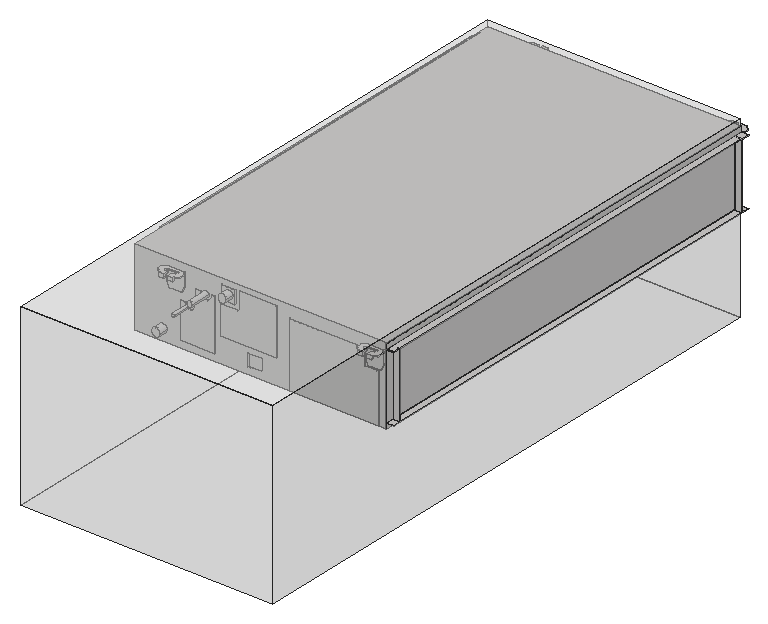
Revit family "outputfile", category 機械設備, Revit 2024
Family settings
  丸型コネクタ寸法 = 半径を使用
  パーツ タイプ = 標準
  OmniClass 番号 = 23.75.10.24.21.27.27
  OmniClass タイトル = Split System Air Conditioning Units
  作業面ベース = いいえ
  常に垂直 = はい
  ロード時にボイドで切り取り = いいえ
  注釈の向きを維持 = いいえ
  共有 = いいえ
  部屋計算ポイント = はい
Parameters (values of type "FBQ125EVE")
  Description = ""
  製造元 = "Daikin"
  書き出し IFC クラス(タイプ) = "IfcUnitaryEquipmentType"
  定義済み IFC タイプ(タイプ) = "AIRCONDITIONINGUNIT"
  Cost = 0
  モデル = "FBQ125EVE"
  Type Comments = ""
  Keynote = ""
  Type Image = (empty or 0)
  Assembly Code = ""
  switch_frequency = yes
  r_Liquid Pipe Size = Liquid Pipe Size / 2  # 4.75 mm
  r_Gas Pipe Size = Gas Pipe Size / 2  # 7.95 mm
  r_Drain Pipe Size = Drain Pipe Size / 2  # 12.5 mm
  lw_power = 770.0 mm  # constant formula
  lh_SA = 138.0 mm  # constant formula
  lw_SA = if(Depth = 550.0 mm, 225.0 mm, if(Depth = 700.0 mm, 300.0 mm, if(Depth = 1000.0 mm, 450.0 mm, if(Depth = 1400.0 mm, 650.0 mm, 725.0 mm))))  # 650.0 mm
  lw_RA = if(Depth = 550.0 mm, 275.0 mm, if(Depth = 700.0 mm, 349.0 mm, if(Depth = 1000.0 mm, 499.0 mm, if(Depth = 1400.0 mm, 699.0 mm, 775.0 mm))))  # 699.0 mm
  lh_power = 60.0 mm + [h***]  # 60.0 mm
  lh_mountinghole1 = lh_mountinghole + [h***]  # 222.0 mm
  lh_RA = 123.0 mm  # constant formula
  ld_power = Depth / 2  # 700.0 mm
  connector_voltage = Voltage_50Hz  # 230 V
  connector_powerinput = [Power Input (Cooling)]  # 4.580 kW
  connector_phase = Phase_50Hz  # 1
  Voltage_comment_60Hz = "220"
  Voltage_comment_50Hz = "220 - 240"
  Voltage_60Hz = 220 V
  Voltage_50Hz = 230 V
  URL = ""
  Supply Air Direction [instance] = yes
  Sound Power Level_H speed (dB) = 0
  Phase_60Hz = 1
  Phase_50Hz = 1
  Minimum External Static Pressure = 0.00 Pa
  Minimum Circuit Amps_60Hz = 0.0 A
  Minimum Circuit Amps_50Hz = 0.0 A
  Maximum Fuse Amps_60Hz = 0.0 A
  Maximum Fuse Amps_50Hz = 0.0 A
  Maximum External Static Pressure = 0.00 Pa
  Material_Casing = DAIKIN_GalvanizedSteel_Casing_indoorunit
  lw_mountinghole = 630.0 mm  # constant formula
  lh_gaspipe = 183.0 mm + [h***]  # 183.0 mm
  lh_mountinghole = 222.0 mm  # constant formula
  lh_liquidpipe = 136.0 mm + [h***]  # 136.0 mm
  lh_drainpipe = 207.0 mm + [h***]  # 207.0 mm
  lh_antena = Height - lh_mountinghole + 1.0 mm  # 24.0 mm
  ld_drainpipe = Depth / 2 + 26.0 mm  # 726.0 mm
  ld_liquidpipe = Depth / 2 + 69.0 mm  # 769.0 mm
  ld_gaspipe = Depth / 2 + 65.0 mm  # 765.0 mm
  ld_mountinghole = Depth + 38.0 mm  # 1438.0 mm
  h*** = 0.0 mm  # constant formula
  lw_liquidpipe = 179.0 mm  # constant formula
  lw_gaspipe = 229.0 mm  # constant formula
  lw_drainpipe = 300.0 mm  # constant formula
  Width = 800.0 mm
  Version = "ver.1.0"
  Unit Type = "Duct"
  Unit Mass Weight = 47.00 kg
  Unit Designation [instance] = ""
  Uniclass2015Version = "Products v1.30"
  Uniclass2015Title = "Split coil room air conditioning units"
  Uniclass2015Code = "Pr_70_65_03_86"
  Total Cooling Capacity [instance] = 0.000 kW
  Sound Pressure Level_M speed (dBA) = 37.5
  Sound Pressure Level_L speed (dBA) = 35
  Sound Pressure Level_H speed (dBA) = 40
  Series = "SkyAir_Fan Coil Unit"
  Sensible Cooling Capacity [instance] = 0.000 kW
  SA Duct Size Width = 1192.0 mm
  SA Duct Size Height = 176.0 mm
  Refrigerant Type = "R410A"
  RA Duct Size Width = 1352.0 mm
  RA Duct Size Height = 208.0 mm
  Power Input (Cooling) = 4.580 kW
  Option Accessory 3 [instance] = ""
  Option Accessory 2 [instance] = ""
  Option Accessory 1 [instance] = ""
  Nominal Cooling Capacity = 12.500 kW
  Minimum Airflow = 1500.00 m³/h
  Median Airflow = 1830.00 m³/h
  Maximum Airflow = 2160.00 m³/h
  Load Classification = HVAC
  Liquid Pipe Size = 9.5 mm
  Link_Nested Family [instance] = ""
  IfcVersion = ""
  IfcExportType = "AIRCONDITIONINGUNIT"
  IfcExportAs = "IfcUnitaryEquipmentType"
  Height = 245.0 mm
  Heat Exchanger Type = "Cross Fin Coil"
  Gas Pipe Size = 15.9 mm
  Frequency_60Hz = 60 Hz
  Frequency_50Hz = 50 Hz
  Fan Type = "Sirocco Fan"
  Fan Drive = "-"
  FCU Tag No. [instance] = ""
  Drain Pipe Size = 25.0 mm
  Design Supply Airflow [instance] = 0.00 m³/h
  Design Return Airflow [instance] = 0.00 m³/h
  Design External Static Pressure [instance] = 0.00 Pa
  Depth = 1400.0 mm
  既定の高さ = 0.0 mm
  Cooling Entering Wet Bulb Temperature [instance] = 0.00 °C
  Cooling Entering Dry Bulb Temperature [instance] = 0.00 °C
  Cooling Ambient Wet Bulb Temperature [instance] = 0.00 °C
  Cooling Ambient Dry Bulb Temperature [instance] = 0.00 °C
  Clearance visibility [instance] = yes
  Clearance Top = 20.0 mm
  Clearance Right = 0.0 mm
  Clearance Rear = 0.0 mm
  Clearance Left = 0.0 mm
  Clearance Front = 450.0 mm
  Clearance Bottom = 300.0 mm
Reference planes
  plane 1 "Center (Front/Back)": y = 0
  plane 2 "h": z = 0
  plane 3 "Center (Left/Right)": x = 0
  plane 4 "Back": y = 700
  plane 5 "Front": y = -700
  plane 6 "Left": x = -400
  plane 7 "Right": x = 400
  plane 8 "Top": z = 0
  plane 9 "Bottom": z = -245
  plane 10: y = -215
  plane 11: y = 700
  plane 12: y = -1150
  plane 13: x = -400
  plane 14: x = 400
  plane 15: z = 20
  plane 16: z = -545
  plane 17: x = -400
  plane 18: x = -399
  plane 19: x = 399
  plane 20: y = 50
  plane 21: y = -1
  plane 22: z = -122
  plane 23: y = -701
  plane 24: z = -109
  plane 25: x = -221
  plane 26: y = -765
  plane 27: z = -62
  plane 28: x = -171
  plane 29: y = -726
  plane 30: z = -38
  plane 31: x = -100
  plane 32: x = -100
  plane 33: x = -221
  plane 34: x = -171
  plane 35: x = 370
  plane 36: x = -266
  plane 37: x = 364
  plane 38: y = -719
  plane 39: y = 719
  plane 40: z = -23
  plane 41: z = -107
  plane 42: y = -769
  plane 43: z = -207
  plane 44: x = -309
  plane 45: y = -726
  plane 46: x = -251
  plane 47: x = -203
  plane 48: x = -144
  plane 49: z = -59
  plane 50: z = -106
  plane 51: z = -221
  plane 52: z = -109
  plane 53: x = -221
  plane 54: z = -62
  plane 55: x = -171
  plane 56: z = -17
  plane 57: z = -59
  plane 58: x = -121
  plane 59: x = -79
  plane 60: x = -125
  plane 61: x = -64
  plane 62: x = 53
  plane 63: z = -164
  plane 64: z = -73
  plane 65: z = -16
  plane 66: x = 93.5
  plane 67: x = 374.5
  plane 68: x = 330
  plane 69: z = -88.5
  plane 70: z = -38
  plane 71: z = -242.5
  plane 72: x = -38.5
  plane 73: x = 6.5
  plane 74: z = -181
  plane 75: z = -221
  plane 76: y = -699
  plane 77: x = -424
  plane 78: x = 424
Forms (mm)
  Extrusion 1, solid, material "DAIKIN_GalvanizedSteel_Casing_indoorunit" <- "Material_Casing"
    sketch origin (0, 0, 0) x (1, 0, 0) y (0, 1, 0)
      loop
        line (-399, 700) -> (-399, -700) -> (399, -700) -> (399, 700) -> (-399, 700)
    from -245 to 0
  Extrusion 2, solid, material "DAIKIN_GalvanizedSteel_Casing_indoorunit" <- "Material_Casing"
    sketch origin (0, 0, 0) x (1, 0, 0) y (0, 0, 1)
      loop
        line (-251, -221) -> (-144, -221) -> (-144, -59) -> (-154.47, -59)
        arc (-154.47, -59) -> (-171, -78.8) -> (-187.53, -59) r 16.8
        line (-187.53, -59) -> (-203, -59) -> (-203, -106) -> (-206.916, -106)
        arc (-206.916, -106) -> (-221, -123.4) -> (-235.084, -106) r 14.4
        line (-235.084, -106) -> (-251, -106) -> (-251, -221)
    from 700 to 701
  Extrusion 3, solid, material "DAIKIN_GalvanizedSteel_Casing_indoorunit" <- "Material_Casing"
    sketch origin (0, 0, 0) x (1, 0, 0) y (0, 0, 1)
      loop
        line (-121, -17) -> (-121, -59) -> (-79, -59) -> (-79, -17) -> (-121, -17)
      loop
        line (-125, -73) -> (-125, -164) -> (53, -164) -> (53, -16) -> (-64, -16) -> (-64, -73) -> (-125, -73)
    from 700 to 701
  Extrusion 4, solid, material "DAIKIN_GalvanizedSteel_Casing_indoorunit" <- "Material_Casing"
    sketch origin (0, 0, 0) x (1, 0, 0) y (0, 0, 1)
      loop
        line (93.5, -38) -> (93.5, -242.5) -> (374.5, -242.5) -> (374.5, -88.5) -> (330, -88.5) -> (330, -38) -> (93.5, -38)
    from 700 to 701
  Extrusion 5, solid, material "DAIKIN_GalvanizedSteel_Casing_indoorunit" <- "Material_Casing"
    sketch origin (0, 0, 0) x (1, 0, 0) y (0, 0, 1)
      loop
        circle (-221, -109) r 4.75
    from 700 to 769
  Extrusion 6, solid, material "DAIKIN_GalvanizedSteel_Casing_indoorunit" <- "Material_Casing"
    sketch origin (0, 0, 0) x (1, 0, 0) y (0, 0, 1)
      loop
        circle (-171, -62) r 7.95
    from 700 to 765
  Extrusion 7, solid, material "DAIKIN_GalvanizedSteel_Casing_indoorunit" <- "Material_Casing"
    sketch origin (0, 0, 0) x (1, 0, 0) y (0, 0, 1)
      loop
        circle (-100, -38) r 12.5
    from 701 to 726
  Extrusion 8, solid, material "DAIKIN_GalvanizedSteel_Casing_indoorunit" <- "Material_Casing"
    sketch origin (0, 0, 0) x (1, 0, 0) y (0, 0, 1)
      loop
        circle (-309, -207) r 13
    from 700 to 726
  Extrusion 9, void
    sketch origin (0, 0, 0) x (1, 0, 0) y (0, 0, 1)
      loop
        line (-38.5, -181) -> (-38.5, -221) -> (6.5, -221) -> (6.5, -181) -> (-38.5, -181)
    from 699 to 700
Cuts and joins
  Extrusion 9 cuts Extrusion 1
Dimensions and locks
  "Height": plane 8 "Top" to plane 9 "Bottom"
  equal spacing: plane 4 "Back", plane 1 "Center (Front/Back)", plane 5 "Front"
  "Depth": plane 4 "Back" to plane 5 "Front"
  equal spacing: plane 6 "Left", plane 3 "Center (Left/Right)", plane 7 "Right"
  "Width": plane 6 "Left" to plane 7 "Right"
  "Clearance Left": plane 13 to plane 6 "Left"
  "Clearance Right": plane 7 "Right" to plane 14
  "Clearance Rear": plane 11 to plane 4 "Back"
  "Clearance Front": plane 5 "Front" to plane 12
  "Clearance Top": plane 15 to plane 8 "Top"
  "Clearance Bottom": plane 9 "Bottom" to plane 16
  locked: plane 17 to plane 18 at 1
  locked: plane 19 to plane 14 at 1
  "lw_RA": plane 21 to plane 5 "Front"
  "lh_RA": plane 22 to plane 9 "Bottom"
  locked: plane 5 "Front" to plane 23 at 1
  "lw_liquidpipe": plane 25 to plane 6 "Left"
  "lh_liquidpipe": plane 24 to plane 9 "Bottom"
  "lh_gaspipe": plane 27 to plane 9 "Bottom"
  "lw_gaspipe": plane 28 to plane 6 "Left"
  "ld_gaspipe": plane 26 to plane 1 "Center (Front/Back)"
  "ld_drainpipe": plane 29 to plane 1 "Center (Front/Back)"
  "lh_drainpipe": plane 30 to plane 9 "Bottom"
  "lw_drainpipe": plane 31 to plane 6 "Left"
  "lw_drainpipe": plane 6 "Left" to plane 32
  "lw_liquidpipe": plane 6 "Left" to plane 33
  "lw_gaspipe": plane 6 "Left" to plane 34
  "lw_power": plane 6 "Left" to plane 35
  locked: plane 17 to plane 36 at 134
  "lw_mountinghole": plane 36 to plane 37
  equal spacing: plane 38, plane 1 "Center (Front/Back)", plane 39
  "ld_mountinghole": plane 39 to plane 38
  "lh_mountinghole": plane 40 to plane 9 "Bottom"
  "lh_SA": plane 41 to plane 9 "Bottom"
  locked: plane 44 to plane 6 "Left" at 91
  locked: plane 43 to plane 9 "Bottom" at 38
  locked: plane 5 "Front" to plane 45 at 26
  plane 48 to plane 47 to plane 46 to plane 6 "Left" = 59.0 mm, 48.0 mm, 149.0 mm
  plane 8 "Top" to plane 49 to plane 50 to plane 51 = 59.0 mm locked, 47.0 mm locked, 115.0 mm locked
  plane 55 to plane 53 to plane 6 "Left" = 50.0 mm locked, 179.0 mm locked
  plane 54 to plane 52 to plane 9 "Bottom" = 47.0 mm locked, 136.0 mm locked
  plane 59 to plane 58 to plane 6 "Left" = 42.0 mm locked, 279.0 mm locked
  plane 8 "Top" to plane 56 to plane 57 = 17.0 mm locked, 42.0 mm locked
  plane 62 to plane 61 to plane 60 to plane 6 "Left" = 117.0 mm, 61.0 mm, 275.0 mm
  plane 8 "Top" to plane 65 to plane 64 = 16.0 mm locked, 57.0 mm locked
  locked: plane 65 to plane 63 at 148
  plane 8 "Top" to plane 70 to plane 69 to plane 71 = 38.0 mm locked, 50.5 mm locked, 154.0 mm locked
  plane 67 to plane 68 to plane 66 to plane 6 "Left" = 44.5 mm locked, 236.5 mm locked, 493.5 mm locked
  plane 8 "Top" to plane 74 to plane 75 = 181.0 mm locked, 40.0 mm locked
  plane 73 to plane 72 to plane 6 "Left" = 45.0 mm, 361.5 mm
  locked: plane 76 to plane 5 "Front" at 1
  locked: plane 77 to plane 17 at 24
  locked: plane 14 to plane 78 at 24
  "ld_liquidpipe": plane 42 to plane 1 "Center (Front/Back)"
  "lw_SA": plane 4 "Back" to plane 20
  "r_Liquid Pipe Size": radius of Extrusion 5 sketch curve
  "r_Gas Pipe Size": radius of Extrusion 6 sketch curve
  "r_Drain Pipe Size": radius of Extrusion 7 sketch curve
  aligned and locked: level to plane 2 "h"
  aligned and locked: plane 8 "Top" to Extrusion 1
  aligned and locked: Extrusion 1 to plane 9 "Bottom"
  aligned and locked: nested 5 to plane 12
  aligned and locked: plane 13 to nested 5
  aligned and locked: plane 14 to nested 5
  aligned and locked: nested 5 to plane 13
  aligned and locked: plane 11 to nested 5
  aligned and locked: plane 15 to nested 5
  aligned and locked: plane 16 to nested 5
  aligned and locked: plane 5 "Front" to Extrusion 1 sketch curve
  aligned and locked: Extrusion 1 to plane 18
  aligned and locked: plane 19 to Extrusion 1
  aligned and locked: nested 7 to plane 18
  aligned and locked: nested 7 to plane 20
  aligned and locked: plane 19 to nested 8
  aligned and locked: plane 21 to nested 8
  aligned and locked: plane 22 to nested 8
  aligned and locked: Extrusion 2 to plane 23
  aligned and locked: plane 5 "Front" to Extrusion 2
  aligned and locked: Extrusion 3 to plane 23
  aligned and locked: plane 5 "Front" to Extrusion 3
  aligned and locked: plane 5 "Front" to Extrusion 4
  aligned and locked: Extrusion 5 sketch curve to plane 25
  aligned and locked: plane 24 to Extrusion 5 sketch curve
  aligned and locked: plane 5 "Front" to Extrusion 5
  aligned and locked: Extrusion 6 sketch curve to plane 28
  aligned and locked: plane 27 to Extrusion 6 sketch curve
  aligned and locked: plane 5 "Front" to Extrusion 6
  aligned and locked: Extrusion 7 sketch curve to plane 31
  aligned and locked: Extrusion 7 sketch curve to plane 30
  aligned and locked: Extrusion 7 to plane 29
  aligned and locked: plane 23 to Extrusion 7
  aligned and locked: nested 3 to plane 29
  aligned and locked: nested 3 to plane 32
  aligned and locked: nested 2 to plane 33
  aligned and locked: nested 1 to plane 34
  aligned and locked: Extrusion 6 to plane 26
  aligned and locked: nested 1 to plane 26
  aligned and locked: nested 6 to plane 5 "Front"
  aligned and locked: nested 6 to plane 35
  aligned and locked: plane 36 to nested 10
  aligned and locked: nested 10 to plane 5 "Front"
  aligned and locked: plane 37 to nested 9
  aligned and locked: nested 9 to plane 5 "Front"
  aligned and locked: nested 11 to plane 36
  aligned and locked: plane 4 "Back" to nested 11
  aligned and locked: nested 12 to plane 37
  aligned and locked: plane 4 "Back" to nested 12
  aligned and locked: plane 40 to nested 10
  aligned and locked: plane 40 to nested 11
  aligned and locked: plane 40 to nested 9
  aligned and locked: plane 40 to nested 12
  aligned and locked: plane 36 to nested 14
  aligned and locked: nested 14 to plane 39
  aligned and locked: plane 37 to nested 13
  aligned and locked: nested 13 to plane 39
  aligned and locked: plane 37 to nested 16
  aligned and locked: plane 38 to nested 16
  aligned and locked: plane 38 to nested 15
  aligned and locked: plane 36 to nested 15
  aligned and locked: plane 17 to plane 6 "Left"
  aligned and locked: plane 41 to nested 7
  aligned and locked: Extrusion 5 to plane 42
  aligned and locked: nested 2 to plane 42
  aligned and locked: Extrusion 8 sketch curve to plane 44
  aligned and locked: plane 43 to Extrusion 8 sketch curve
  aligned and locked: plane 5 "Front" to Extrusion 8
  aligned and locked: plane 45 to Extrusion 8
  aligned and locked: Extrusion 3 sketch curve to plane 56
  aligned and locked: Extrusion 3 sketch curve to plane 58
  aligned and locked: plane 57 to Extrusion 3 sketch curve
  aligned and locked: plane 59 to Extrusion 3 sketch curve
  aligned and locked: Extrusion 4 to plane 23
  aligned and locked: Extrusion 9 sketch curve to plane 74
  aligned and locked: plane 75 to Extrusion 9 sketch curve
  aligned and locked: plane 73 to Extrusion 9 sketch curve
  aligned and locked: plane 5 "Front" to Extrusion 9
  aligned and locked: plane 76 to Extrusion 9
  aligned and locked: nested 17 to plane 20
  aligned and locked: nested 17 to plane 77
  aligned and locked: plane 21 to nested 18
  aligned and locked: plane 78 to nested 18
  aligned and locked: plane 41 to nested 17
  aligned and locked: nested 18 to plane 22
  aligned and locked: nested 4 to plane 3 "Center (Left/Right)"
  aligned and locked: plane 1 "Center (Front/Back)" to nested 4
  aligned and locked: level to plane 8 "Top"
Automatic sketch dimensions
  plane 6 "Left" to Extrusion 1 sketch curve = 1.0 mm
  Extrusion 1 sketch curve to plane 7 "Right" = 1.0 mm
  Extrusion 1 sketch curve to plane 4 "Back" = 0.0 mm
  Extrusion 2 sketch curve to plane 46 = 0.0 mm
  Extrusion 2 sketch curve to plane 33 = 0.0 mm
  Extrusion 2 sketch curve to plane 47 = 0.0 mm
  Extrusion 2 sketch curve to plane 34 = 0.0 mm
  Extrusion 2 sketch curve to plane 48 = 0.0 mm
  Extrusion 2 sketch curve to plane 51 = 0.0 mm
  Extrusion 2 sketch curve to plane 52 = 0.0 mm
  Extrusion 2 sketch curve to plane 50 = 0.0 mm  (x3)
  Extrusion 2 sketch curve to plane 54 = 0.0 mm
  Extrusion 2 sketch curve to plane 49 = 0.0 mm  (x3)
  plane 33 to Extrusion 2 sketch curve = 14.084 mm
  plane 34 to Extrusion 2 sketch curve = 16.53 mm
  Extrusion 3 sketch curve to plane 60 = 0.0 mm
  Extrusion 3 sketch curve to plane 61 = 0.0 mm
  Extrusion 3 sketch curve to plane 62 = 0.0 mm
  Extrusion 3 sketch curve to plane 63 = 0.0 mm
  Extrusion 3 sketch curve to plane 64 = 0.0 mm
  Extrusion 3 sketch curve to plane 65 = 0.0 mm
  Extrusion 4 sketch curve to plane 66 = 0.0 mm
  Extrusion 4 sketch curve to plane 68 = 0.0 mm
  Extrusion 4 sketch curve to plane 67 = 0.0 mm
  Extrusion 4 sketch curve to plane 71 = 0.0 mm
  Extrusion 4 sketch curve to plane 69 = 0.0 mm
  Extrusion 4 sketch curve to plane 70 = 0.0 mm
  Extrusion 9 sketch curve to plane 72 = 0.0 mm
  radius of Extrusion 8 sketch curve = 13.0 mm
Nested families
  nested 1: "daikin_connector_rotate2" at (-171, 0, -62), length <- "ld_gaspipe", built-in parameter 1001364 <- "lh_gaspipe", radius <- "r_Gas Pipe Size", type "daikin_connector_rotate2"
    with radius 7.95 mm, length 765.0 mm, angle_vertical 90.00°
  nested 2: "daikin_connector_rotate2" at (-221, 0, -109), length <- "ld_liquidpipe", built-in parameter 1001364 <- "lh_liquidpipe", radius <- "r_Liquid Pipe Size", type "daikin_connector_rotate2"
    with radius 4.75 mm, length 769.0 mm, angle_vertical 90.00°
  nested 3: "daikin_connector_rotate2" at (-100, 0, -38), length <- "ld_drainpipe", built-in parameter 1001364 <- "lh_drainpipe", radius <- "r_Drain Pipe Size", type "daikin_connector_rotate2"
    with radius 12.5 mm, length 726.0 mm, angle_vertical 90.00°
  nested 4: "daikin_△_symbolicline" at (0, 0, 245) x (0, -1, 0) z (0, 0, 1), built-in parameter 1001364 <- "Height", visible <- "Supply Air Direction", type "daikin_△_symbolicline"
    with length 200.0 mm
  nested 5: "daikin_clearancespace" at (0, -225, -262.381), visible <- "Clearance visibility", show <- "Clearance visibility", Link_Nested Family <- "Link_Nested Family", type "daikin_clearancespace"
    with width 800.0 mm, show yes, height 565.0 mm, depth 1850.0 mm, Link_Nested Family ""
  nested 6: "daikin_connector_rotate2" at (370, 0, -185), built-in parameter 1001364 <- "lh_power", length <- "ld_power", type "daikin_connector_rotate2"
    with radius 10.0 mm, length 700.0 mm, angle_vertical 90.00°
  nested 7: "daikin_ductflange_FBQ-EVE2" at (-399, 50, -107) x (0, -1, 0) z (0, 0, 1), type "daikin_ductflange_FBQ-EVE2"
  nested 8: "daikin_ductflange_FBQ-EVE" at (399, -1, -122) x (0, 1, 0) z (0, 0, 1), type "daikin_ductflange_FBQ-EVE"
    with width 1352.0 mm, lw 25.0 mm, w 1400.0 mm
  nested 9: "daikin_hangerfixture_FBQ-EVE" at (364, -700, -23), type "daikin_hangerfixture_FBQ-EVE"
  nested 10: "daikin_hangerfixture_FBQ-EVE" at (-266, -700, -23), type "daikin_hangerfixture_FBQ-EVE"
  nested 11: "daikin_hangerfixture_FBQ-EVE" at (-266, 700, -23) x (-1, 0, 0) z (0, 0, 1), type "daikin_hangerfixture_FBQ-EVE"
  nested 12: "daikin_hangerfixture_FBQ-EVE" at (364, 700, -23) x (-1, 0, 0) z (0, 0, 1), type "daikin_hangerfixture_FBQ-EVE"
  nested 13: "daikin_mountinghole" at (364, 719, -245), h_mountinghole <- "lh_mountinghole1", l_antenna <- "lh_antena", Link_Nested Family <- "Link_Nested Family", type "daikin_mountinghole"
    with show yes, l_antenna 24.0 mm, h_mountinghole 222.0 mm, Link_Nested Family ""
  nested 14: "daikin_mountinghole" at (-266, 719, -245), h_mountinghole <- "lh_mountinghole1", l_antenna <- "lh_antena", Link_Nested Family <- "Link_Nested Family", type "daikin_mountinghole"
    with show yes, l_antenna 24.0 mm, h_mountinghole 222.0 mm, Link_Nested Family ""
  nested 15: "daikin_mountinghole" at (-266, -719, -245), h_mountinghole <- "lh_mountinghole1", l_antenna <- "lh_antena", Link_Nested Family <- "Link_Nested Family", type "daikin_mountinghole"
    with show yes, l_antenna 24.0 mm, h_mountinghole 222.0 mm, Link_Nested Family ""
  nested 16: "daikin_mountinghole" at (364, -719, -245), h_mountinghole <- "lh_mountinghole1", l_antenna <- "lh_antena", Link_Nested Family <- "Link_Nested Family", type "daikin_mountinghole"
    with show yes, l_antenna 24.0 mm, h_mountinghole 222.0 mm, Link_Nested Family ""
  nested 17: "daikin_connector_rotate2" at (-400, 50, -107) x (0, -1, 0) z (0, 0, 1), type "daikin_connector_rotate2"
    with radius 10.0 mm, length 24.0 mm, angle_vertical 90.00°
  nested 18: "daikin_connector_rotate2" at (400, -1, -122) x (0, 1, 0) z (0, 0, 1), type "daikin_connector_rotate2"
    with radius 10.0 mm, length 24.0 mm, angle_vertical 90.00°
Connectors
  piping at (-100, -726, -38), diameter 25, driven by "r_Drain Pipe Size"
    settings: on nested 3, index 3, connector inside diameter 609.6 mm, connector length 0.0 mm, flow factor 0, pipe flow 0.00 m³/h, pressure drop 0.0 Pa, fitting loss kfactor 0, connector angle 0.00°, fixture units 0, engagement length 0.0 mm, angle of deflection 0.00°, flow configuration 1, flow direction 2, fitting loss method 4, system type 16, joint type 0, gender type 0, connector reference index -1, connector utility 0, adjustable connector no, is connector primary yes, connector description "Condensate Drain Piping"
  piping at (-171, -765, -62), diameter 15.9, driven by "r_Gas Pipe Size"
    settings: on nested 1, index 4, connector inside diameter 609.6 mm, connector length 0.0 mm, flow factor 0, pipe flow 0.00 m³/h, pressure drop 0.0 Pa, fitting loss kfactor 0, connector angle 0.00°, fixture units 0, engagement length 0.0 mm, angle of deflection 0.00°, flow configuration 1, flow direction 2, fitting loss method 0, system type 29, joint type 0, gender type 0, connector reference index -1, connector utility 0, adjustable connector no, is connector primary no, connector description "Refrigerant Gas Piping"
  piping at (-221, -769, -109), diameter 9.5, driven by "r_Liquid Pipe Size"
    settings: on nested 2, index 5, connector inside diameter 609.6 mm, connector length 0.0 mm, flow factor 0, pipe flow 0.00 m³/h, pressure drop 0.0 Pa, fitting loss kfactor 0, connector angle 0.00°, fixture units 0, engagement length 0.0 mm, angle of deflection 0.00°, flow configuration 1, flow direction 1, fitting loss method 0, system type 29, joint type 0, gender type 0, connector reference index -1, connector utility 0, adjustable connector no, is connector primary no, connector description "Refrigerant Liquid Piping"
  electrical at (370, -700, -185), driven by "Load Classification", driven by "connector_powerinput", driven by "connector_voltage", driven by "connector_phase"
    settings: on nested 6, index 6, voltage 230 V, apparent load 4580 VA, apparent load phase1 0 VA, apparent load phase2 0 VA, apparent load phase3 0 VA, power factor 1, load classification "HVAC", number of poles 1, system type 30, power factor state 1, is connector primary yes, connector utility no, sub classification motor no, connector description "Power Supply"
  hvac at (-424, 50, -107), driven by "SA Duct Size Height", driven by "SA Duct Size Width"
    settings: on nested 17, index 7, duct flow 0.00 m³/h, flow factor 0, pres drop 0.00 Pa, loss coef 0, conn angle 0.00°, conn width 1192.0 mm, conn height 176.0 mm, conn diameter 609.6 mm, duct sys type 1, conn prof type 1, flow config 0, flow direction 2, loss method 4, conn ref index -1, conn util no, is conn primary yes, conn desc "SA Duct"
  hvac at (424, -1, -122), driven by "RA Duct Size Height", driven by "RA Duct Size Width"
    settings: on nested 18, index 8, duct flow 0.00 m³/h, flow factor 0, pres drop 0.00 Pa, loss coef 0, conn angle 0.00°, conn width 1352.0 mm, conn height 208.0 mm, conn diameter 609.6 mm, duct sys type 2, conn prof type 1, flow config 0, flow direction 1, loss method 4, conn ref index -1, conn util no, is conn primary no, conn desc "RA Duct"
Definition of nested family "daikin_clearancespace"
  Parameters (values of type "daikin_clearancespace")
    Description = "daikin_clearancespace"
    width [instance] = 1823.963 mm
    show [instance] = yes
    material = none
    height [instance] = 1359.762 mm
    depth [instance] = 880.0 mm
    Default Elevation = 0.0 mm
    Link_Nested Family [instance] = ""
  Reference planes
    plane 1 "Center (Front/Back)": y = 0
    plane 2 "Center (Elevation)": z = -0.119
    plane 3 "Center (Left/Right)": x = 0
    plane 4: y = 440
    plane 5: y = -440
    plane 6 "Right": x = 911.982
    plane 7 "Left": x = -911.982
    plane 8 "Top": z = 679.762
    plane 9 "Bottom": z = -680
  Forms (mm)
    Extrusion 1, solid, material <- "material", visible <- "show"
      sketch origin (0, 0, 0) x (1, 0, 0) y (0, 1, 0)
        loop
          line (-911.982, 440) -> (-911.982, -440) -> (911.982, -440) -> (911.982, 440) -> (-911.982, 440)
      from -680 to 679.762
  Lines and regions (mm)
    symbolic lines, visible <- "show"
      curve 1: line (911.982, 440, 0) -> (-911.982, 440, 0)
      curve 2: line (-911.982, 440, 0) -> (-911.982, -440, 0)
      curve 3: line (-911.982, -440, 0) -> (911.982, -440, 0)
      curve 4: line (911.982, -440, 0) -> (911.982, 440, 0)
      curve 5: line (911.982, 0, 679.762) -> (-911.982, 0, 679.762)
      curve 6: line (911.982, 0, -680) -> (911.982, 0, 679.762)
      curve 7: line (-911.982, 0, -680) -> (911.982, 0, -680)
      curve 8: line (-911.982, 0, 679.762) -> (-911.982, 0, -680)
      curve 9: line (0, 440, 679.762) -> (0, -440, 679.762)
      curve 10: line (0, -440, 679.762) -> (0, -440, -680)
      curve 11: line (0, 440, -680) -> (0, 440, 679.762)
      curve 12: line (0, -440, -680) -> (0, 440, -680)
  Dimensions and locks
    "width": plane 7 "Left" to plane 6 "Right"
    "depth": plane 4 to plane 5
    "height": plane 8 "Top" to plane 9 "Bottom"
    equal spacing: plane 7 "Left", plane 3 "Center (Left/Right)", plane 6 "Right"
    equal spacing: plane 4, plane 1 "Center (Front/Back)", plane 5
    equal spacing: plane 8 "Top", plane 2 "Center (Elevation)", plane 9 "Bottom"
    aligned and locked: level to plane 2 "Center (Elevation)"
    aligned and locked: Extrusion 1 sketch curve to plane 4
    aligned and locked: plane 7 "Left" to Extrusion 1 sketch curve
    aligned and locked: Extrusion 1 sketch curve to plane 5
    aligned and locked: Extrusion 1 sketch curve to plane 6 "Right"
    aligned and locked: plane 8 "Top" to Extrusion 1
    aligned and locked: curve 1 to Extrusion 1
    aligned and locked: curve 2 to Extrusion 1
    aligned and locked: curve 3 to Extrusion 1
    aligned and locked: curve 4 to Extrusion 1
    aligned and locked: curve 5 to Extrusion 1
    aligned and locked: curve 6 to Extrusion 1
    aligned and locked: curve 7 to Extrusion 1
    aligned and locked: curve 8 to Extrusion 1
    aligned and locked: curve 9 to Extrusion 1
    aligned and locked: curve 10 to Extrusion 1
    aligned and locked: curve 11 to Extrusion 1
    aligned and locked: curve 12 to Extrusion 1
    aligned and locked: Extrusion 1 to plane 9 "Bottom"
Definition of nested family "daikin_ductflange_FBQ-EVE2"
  Parameters (values of type "daikin_ductflange_FBFC-DVMG2")
    width = if(w = 550.0 mm, 337.0 mm, if(w = 700.0 mm, 492.0 mm, if(w = 1000.0 mm, 792.0 mm, if(w = 1400.0 mm, 1192.0 mm, 1337.0 mm))))  # 1192.0 mm
    material = none
    height = 215.0 mm
    depth = 1.0 mm
    w = 1400.0 mm
    Default Elevation = 0.0 mm
  Reference planes
    plane 1 "Center (Front/Back)": y = 0
    plane 2: z = 0
    plane 3 "Center (Left/Right)": x = 0
    plane 4: z = 88
    plane 5: z = -88
    plane 6: y = -25
    plane 7: z = 106
    plane 8: z = 89
    plane 9: y = -1
    plane 10: x = -617.5
    plane 11: x = 617.5
    plane 12: z = -106
    plane 13: z = -89
    plane 14: y = -1
    plane 15: x = 596
    plane 16: x = -596
    plane 17: x = 597
    plane 18: z = 87
    plane 19: z = -87
    plane 20: x = -597
    plane 21: z = 87
    plane 22: z = -87
    plane 23: y = -1
  Forms (mm)
    Extrusion 1, solid, material <- "material"
      sketch origin (0, 0, 0) x (0, 1, 0) y (0, 0, 1)
        loop
          line (-25, 88) -> (0, 88) -> (0, 106) -> (-1, 106) -> (-1, 89) -> (-25, 89) -> (-25, 88)
      from -617.5 to 617.5
    Extrusion 2, solid, material <- "material"
      sketch origin (0, 0, 0) x (0, 1, 0) y (0, 0, 1)
        loop
          line (-25, -88) -> (-25, -89) -> (-1, -89) -> (-1, -106) -> (0, -106) -> (0, -88) -> (-25, -88)
      from -617.5 to 617.5
    Extrusion 3, solid, material <- "material"
      sketch origin (0, 0, 0) x (1, 0, 0) y (0, 0, 1)
        loop
          line (596, 88) -> (596, -88) -> (617.5, -88) -> (617.5, -87) -> (597, -87) -> (597, 87) -> (617.5, 87) -> (617.5, 88) -> (596, 88)
      from 0 to 25
    Extrusion 4, solid, material <- "material"
      sketch origin (0, 0, 0) x (1, 0, 0) y (0, 0, 1)
        loop
          line (-617.5, 88) -> (-617.5, 87) -> (-597, 87) -> (-597, -87) -> (-617.5, -87) -> (-617.5, -88) -> (-596, -88) -> (-596, 88) -> (-617.5, 88)
      from 0 to 25
    Extrusion 5, solid, material <- "material"
      sketch origin (0, 0, 0) x (1, 0, 0) y (0, 0, 1)
        loop
          line (-617.5, 88) -> (-617.5, -88) -> (-596, -88) -> (-596, 88) -> (-617.5, 88)
        loop
          line (617.5, 88) -> (596, 88) -> (596, -88) -> (617.5, -88) -> (617.5, 88)
      from 0 to 1
  Cuts and joins
    joined: Extrusion 1, Extrusion 2, Extrusion 3, Extrusion 4, Extrusion 5
  Dimensions and locks
    plane 4 to level to plane 5 = 88.0 mm, 88.0 mm
    locked: plane 6 to plane 1 "Center (Front/Back)" at 25
    locked: plane 9 to plane 1 "Center (Front/Back)" at 1
    locked: plane 8 to plane 4 at 1
    locked: plane 16 to plane 10 at 21.5
    locked: plane 17 to plane 15 at 1
    locked: plane 4 to plane 18 at 1
    locked: plane 19 to plane 5 at 1
    "width": plane 15 to plane 16
    plane 4 to plane 5 = 176.0 mm
    locked: plane 16 to plane 20 at 1
    locked: plane 4 to plane 21 at 1
    locked: plane 22 to plane 5 at 1
    locked: plane 23 to plane 1 "Center (Front/Back)" at 1
    plane 4 to level to plane 5 = 88.0 mm locked, 88.0 mm locked
    locked: plane 5 to plane 13 at 1
    locked: plane 5 to plane 12 at 18
    locked: plane 7 to plane 4 at 18
    equal spacing: plane 15, plane 3 "Center (Left/Right)", plane 16
    locked: plane 11 to plane 15 at 21.5
    plane 11 to plane 10 = 1235.0 mm
    aligned and locked: level to plane 2
    aligned and locked: Extrusion 1 to plane 10
    aligned and locked: plane 11 to Extrusion 1
    aligned and locked: plane 5 to Extrusion 2
    aligned and locked: Extrusion 2 to plane 1 "Center (Front/Back)"
    aligned and locked: plane 15 to Extrusion 3 sketch curve
    aligned and locked: Extrusion 3 sketch curve to Extrusion 2  (x2)
    aligned and locked: Extrusion 3 sketch curve to plane 11
    aligned and locked: plane 6 to Extrusion 3
    aligned and locked: Extrusion 2 to plane 10
    aligned and locked: plane 11 to Extrusion 2
    aligned and locked: Extrusion 4 sketch curve to Extrusion 1  (x2)
    aligned and locked: plane 5 to Extrusion 4 sketch curve
    aligned and locked: Extrusion 4 sketch curve to plane 16
    aligned and locked: Extrusion 4 sketch curve to plane 22
    aligned and locked: plane 20 to Extrusion 4 sketch curve
    aligned and locked: plane 21 to Extrusion 4 sketch curve
    aligned and locked: Extrusion 4 to plane 1 "Center (Front/Back)"
    aligned and locked: plane 6 to Extrusion 4
    aligned and locked: Extrusion 5 sketch curve to Extrusion 1  (x4)
    aligned and locked: Extrusion 5 sketch curve to Extrusion 4  (x2)
    aligned and locked: Extrusion 5 sketch curve to Extrusion 3  (x2)
    aligned and locked: Extrusion 5 to plane 1 "Center (Front/Back)"
    aligned and locked: plane 23 to Extrusion 5
  Automatic sketch dimensions
    Extrusion 1 sketch curve to plane 6 = 0.0 mm
    Extrusion 1 sketch curve to plane 7 = 0.0 mm
    Extrusion 1 sketch curve to plane 9 = 0.0 mm
    Extrusion 1 sketch curve to plane 1 "Center (Front/Back)" = 0.0 mm
    Extrusion 1 sketch curve to plane 4 = 0.0 mm
    Extrusion 1 sketch curve to plane 8 = 0.0 mm
    Extrusion 2 sketch curve to plane 6 = 0.0 mm
    plane 12 to Extrusion 2 sketch curve = 0.0 mm
    Extrusion 2 sketch curve to plane 14 = 0.0 mm
    Extrusion 2 sketch curve to plane 1 "Center (Front/Back)" = 0.0 mm
    plane 13 to Extrusion 2 sketch curve = 0.0 mm
    Extrusion 2 sketch curve to plane 5 = 0.0 mm
    Extrusion 3 sketch curve to plane 17 = 0.0 mm
    Extrusion 3 sketch curve to plane 19 = 0.0 mm
    Extrusion 3 sketch curve to plane 18 = 0.0 mm
    Extrusion 3 sketch curve to plane 4 = 0.0 mm
    Extrusion 4 sketch curve to plane 10 = 0.0 mm
Definition of nested family "daikin_ductflange_FBQ-EVE"
  Parameters (values of type "daikin_ductflange_FBFC-DVMG")
    width = if(w = 550.0 mm, 502.0 mm, if(w = 700.0 mm, 654.0 mm, if(w = 1000.0 mm, 952.0 mm, if(w = 1400.0 mm, 1352.0 mm, 1502.0 mm))))  # 654.0 mm
    material = none
    lw = if(width = 654.0 mm, 23.0 mm, 25.0 mm)  # 23.0 mm
    height = 208.0 mm
    depth = 1.0 mm
    w = 700.0 mm
    Default Elevation = 0.0 mm
  Reference planes
    plane 1 "Center (Front/Back)": y = 0
    plane 2: z = 0
    plane 3 "Center (Left/Right)": x = 0
    plane 4: z = 104
    plane 5: z = -104
    plane 6: y = -25
    plane 7: z = 121
    plane 8: z = 105
    plane 9: y = -1
    plane 10: x = -350
    plane 11: x = 350
    plane 12: z = -122
    plane 13: z = -105
    plane 14: y = -1
    plane 15: x = 327
    plane 16: x = -327
    plane 17: x = 328
    plane 18: z = 103
    plane 19: z = -103
    plane 20: x = -328
    plane 21: z = 103
    plane 22: z = -103
    plane 23: y = -1
  Forms (mm)
    Extrusion 1, solid, material <- "material"
      sketch origin (0, 0, 0) x (0, 1, 0) y (0, 0, 1)
        loop
          line (-25, 104) -> (0, 104) -> (0, 121) -> (-1, 121) -> (-1, 105) -> (-25, 105) -> (-25, 104)
      from -350 to 350
    Extrusion 2, solid, material <- "material"
      sketch origin (0, 0, 0) x (0, 1, 0) y (0, 0, 1)
        loop
          line (-25, -104) -> (-25, -105) -> (-1, -105) -> (-1, -122) -> (0, -122) -> (0, -104) -> (-25, -104)
      from -350 to 350
    Extrusion 3, solid, material <- "material"
      sketch origin (0, 0, 0) x (1, 0, 0) y (0, 0, 1)
        loop
          line (327, 104) -> (327, -104) -> (350, -104) -> (350, -103) -> (328, -103) -> (328, 103) -> (350, 103) -> (350, 104) -> (327, 104)
      from 0 to 25
    Extrusion 4, solid, material <- "material"
      sketch origin (0, 0, 0) x (1, 0, 0) y (0, 0, 1)
        loop
          line (-350, 104) -> (-350, 103) -> (-328, 103) -> (-328, -103) -> (-350, -103) -> (-350, -104) -> (-327, -104) -> (-327, 104) -> (-350, 104)
      from 0 to 25
    Extrusion 5, solid, material <- "material"
      sketch origin (0, 0, 0) x (1, 0, 0) y (0, 0, 1)
        loop
          line (-350, 104) -> (-350, -104) -> (-327, -104) -> (-327, 104) -> (-350, 104)
        loop
          line (350, 104) -> (327, 104) -> (327, -104) -> (350, -104) -> (350, 104)
      from 0 to 1
  Cuts and joins
    joined: Extrusion 1, Extrusion 2, Extrusion 3, Extrusion 4, Extrusion 5
  Dimensions and locks
    plane 4 to level to plane 5 = 104.0 mm, 104.0 mm
    locked: plane 6 to plane 1 "Center (Front/Back)" at 25
    locked: plane 9 to plane 1 "Center (Front/Back)" at 1
    locked: plane 8 to plane 4 at 1
    "lw": plane 11 to plane 15
    "lw": plane 16 to plane 10
    locked: plane 17 to plane 15 at 1
    locked: plane 4 to plane 18 at 1
    locked: plane 19 to plane 5 at 1
    "width": plane 15 to plane 16
    equal spacing: plane 15, plane 3 "Center (Left/Right)", plane 16
    locked: plane 16 to plane 20 at 1
    locked: plane 4 to plane 21 at 1
    locked: plane 22 to plane 5 at 1
    locked: plane 23 to plane 1 "Center (Front/Back)" at 1
    locked: plane 7 to plane 4 at 17
    locked: plane 1 "Center (Front/Back)" to plane 14 at 1
    locked: plane 5 to plane 13 at 1
    "height": plane 4 to plane 5
    plane 11 to plane 10 = 700.0 mm
    locked: plane 12 to plane 13 at 17
    equal spacing: plane 4, level, plane 5
    aligned and locked: level to plane 2
    aligned and locked: Extrusion 1 to plane 10
    aligned and locked: plane 11 to Extrusion 1
    aligned and locked: plane 5 to Extrusion 2
    aligned and locked: Extrusion 2 to plane 1 "Center (Front/Back)"
    aligned and locked: plane 15 to Extrusion 3 sketch curve
    aligned and locked: Extrusion 3 sketch curve to Extrusion 2  (x2)
    aligned and locked: Extrusion 3 sketch curve to plane 11
    aligned and locked: plane 6 to Extrusion 3
    aligned and locked: Extrusion 2 to plane 10
    aligned and locked: plane 11 to Extrusion 2
    aligned and locked: Extrusion 4 sketch curve to Extrusion 1  (x2)
    aligned and locked: plane 5 to Extrusion 4 sketch curve
    aligned and locked: Extrusion 4 sketch curve to plane 16
    aligned and locked: Extrusion 4 sketch curve to plane 22
    aligned and locked: plane 20 to Extrusion 4 sketch curve
    aligned and locked: plane 21 to Extrusion 4 sketch curve
    aligned and locked: Extrusion 4 to plane 1 "Center (Front/Back)"
    aligned and locked: plane 6 to Extrusion 4
    aligned and locked: Extrusion 5 sketch curve to Extrusion 1  (x4)
    aligned and locked: Extrusion 5 sketch curve to Extrusion 4  (x2)
    aligned and locked: Extrusion 5 sketch curve to Extrusion 3  (x2)
    aligned and locked: Extrusion 5 to plane 1 "Center (Front/Back)"
    aligned and locked: plane 23 to Extrusion 5
  Automatic sketch dimensions
    Extrusion 1 sketch curve to plane 6 = 0.0 mm
    Extrusion 1 sketch curve to plane 7 = 0.0 mm
    Extrusion 1 sketch curve to plane 9 = 0.0 mm
    Extrusion 1 sketch curve to plane 1 "Center (Front/Back)" = 0.0 mm
    Extrusion 1 sketch curve to plane 4 = 0.0 mm
    Extrusion 1 sketch curve to plane 8 = 0.0 mm
    Extrusion 2 sketch curve to plane 6 = 0.0 mm
    plane 12 to Extrusion 2 sketch curve = 0.0 mm
    Extrusion 2 sketch curve to plane 14 = 0.0 mm
    Extrusion 2 sketch curve to plane 1 "Center (Front/Back)" = 0.0 mm
    plane 13 to Extrusion 2 sketch curve = 0.0 mm
    Extrusion 2 sketch curve to plane 5 = 0.0 mm
    Extrusion 3 sketch curve to plane 17 = 0.0 mm
    Extrusion 3 sketch curve to plane 19 = 0.0 mm
    Extrusion 3 sketch curve to plane 18 = 0.0 mm
    Extrusion 3 sketch curve to plane 4 = 0.0 mm
    Extrusion 4 sketch curve to plane 10 = 0.0 mm
Definition of nested family "daikin_hangerfixture_FBQ-EVE"
  Parameters (values of type "daikin_hangerfixture_FXMQ-PAVE")
    width = 72.0 mm
    material = none
    height = 60.0 mm
    depth = 41.0 mm
    Default Elevation = 0.0 mm
  Reference planes
    plane 1 "Center (Front/Back)": y = 0
    plane 2: z = 0
    plane 3 "Center (Left/Right)": x = 0
    plane 4: y = 417.146
    plane 5: y = -41
    plane 6: x = -36
    plane 7: x = 36
    plane 8: z = -2.3
    plane 9: z = -60
    plane 10: y = -2.3
    plane 11: z = -12
    plane 12: y = -38.7
  Forms (mm)
    Extrusion 1, solid, material <- "material"
      sketch origin (0, 0, 0) x (1, 0, 0) y (0, 1, 0)
        loop
          line (-28, 0) -> (-28, -5)
          arc (-28, -5) -> (-29.127, -8.162) -> (-32, -9.899) r 5
          arc (-32, -9.899) -> (-34.873, -11.636) -> (-36, -14.798) r 5
          line (-36, -14.798) -> (-36, -27.178)
          arc (-36, -27.178) -> (-35.429, -29.499) -> (-33.846, -31.289) r 5
          line (-33.846, -31.289) -> (-23, -38.798) -> (-23, -41.098) -> (-6.5, -41.098) -> (-6.5, -28.498)
          arc (-6.5, -28.498) -> (-7.379, -26.377) -> (-9.5, -25.498) r 3
          line (-9.5, -25.498) -> (-13.5, -25.498)
          arc (-13.5, -25.498) -> (-20, -18.998) -> (-13.5, -12.498) r 6.5
          line (-13.5, -12.498) -> (13.5, -12.498)
          arc (13.5, -12.498) -> (20, -18.998) -> (13.5, -25.498) r 6.5
          line (13.5, -25.498) -> (9.5, -25.498)
          arc (9.5, -25.498) -> (7.379, -26.377) -> (6.5, -28.498) r 3
          line (6.5, -28.498) -> (6.5, -41.098) -> (23, -41.098) -> (23, -38.798) -> (33.846, -31.289)
          arc (33.846, -31.289) -> (35.429, -29.499) -> (36, -27.178) r 5
          line (36, -27.178) -> (36, -14.596)
          arc (36, -14.596) -> (34.873, -11.434) -> (32, -9.697) r 5
          arc (32, -9.697) -> (29.127, -7.96) -> (28, -4.798) r 5
          line (28, -4.798) -> (28, 0) -> (-28, 0)
      from 0 to -2.3
    Extrusion 2, solid, material <- "material"
      sketch origin (0, 0, 0) x (1, 0, 0) y (0, 0, 1)
        loop
          line (28, -39.037) -> (28, 0) -> (-28, 0) -> (-28, -39.037)
          arc (-28, -39.037) -> (-27.91, -39.983) -> (-27.642, -40.894) r 5
          line (-27.642, -40.894) -> (-21.257, -56.857)
          arc (-21.257, -56.857) -> (-19.418, -59.14) -> (-16.615, -60) r 5
          line (-16.615, -60) -> (16.615, -60)
          arc (16.615, -60) -> (19.418, -59.14) -> (21.257, -56.857) r 5
          line (21.257, -56.857) -> (27.642, -40.894)
          arc (27.642, -40.894) -> (27.91, -39.983) -> (28, -39.037) r 5
      from 0 to 2.3
    Extrusion 3, solid, material <- "material"
      sketch origin (0, 0, 0) x (1, 0, 0) y (0, 0, 1)
        loop
          line (-23, 0) -> (-23, -9)
          arc (-23, -9) -> (-22.121, -11.121) -> (-20, -12) r 3
          line (-20, -12) -> (-9.5, -12)
          arc (-9.5, -12) -> (-7.379, -11.121) -> (-6.5, -9) r 3
          line (-6.5, -9) -> (-6.5, 0) -> (-23, 0)
        loop
          line (23, 0) -> (6.5, 0) -> (6.5, -9)
          arc (6.5, -9) -> (7.379, -11.121) -> (9.5, -12) r 3
          line (9.5, -12) -> (20, -12)
          arc (20, -12) -> (22.121, -11.121) -> (23, -9) r 3
          line (23, -9) -> (23, 0)
      from 38.8 to 41.098
  Cuts and joins
    joined: Extrusion 1, Extrusion 2, Extrusion 3
  Dimensions and locks
    plane 2 to plane 8 = 2.3 mm
    "height": plane 2 to plane 9
    locked: plane 10 to plane 1 "Center (Front/Back)" at 2.3
    locked: plane 2 to plane 11 at 12
    locked: plane 12 to plane 5 at 2.3
    aligned and locked: level to plane 2
    aligned and locked: Extrusion 1 to plane 8
    aligned and locked: plane 2 to Extrusion 1
    aligned and locked: plane 2 to Extrusion 2 sketch curve
    aligned and locked: Extrusion 2 to plane 10
    aligned and locked: Extrusion 2 to plane 1 "Center (Front/Back)"
    aligned and locked: Extrusion 3 sketch curve to cut or joined group of Extrusion 1, Extrusion 2, Extrusion 3  (x3)
    aligned and locked: cut or joined group of Extrusion 1, Extrusion 2, Extrusion 3 to Extrusion 3
  Automatic sketch dimensions
    Extrusion 2 sketch curve to plane 7 = 8.0 mm
    Extrusion 2 sketch curve to plane 8 = 36.737 mm
    plane 6 to Extrusion 2 sketch curve = 19.385 mm
    Extrusion 1 sketch curve to plane 6 = 0.0 mm
    plane 1 "Center (Front/Back)" to Extrusion 1 sketch curve = 0.0 mm
    Extrusion 1 sketch curve to plane 7 = 0.0 mm
    plane 6 to Extrusion 1 sketch curve = 2.154 mm
    plane 6 to Extrusion 1 sketch curve = 3.0 mm
    Extrusion 1 sketch curve to Extrusion 1 sketch curve = 5.0 mm  (x3)
    Extrusion 1 sketch curve to plane 12 = 0.098 mm  (x2)
    Extrusion 1 sketch curve to Extrusion 1 sketch curve = 4.0 mm  (x2)
    Extrusion 1 sketch curve to plane 5 = 0.098 mm  (x2)
    Extrusion 1 sketch curve to plane 3 "Center (Left/Right)" = 6.5 mm
    plane 3 "Center (Left/Right)" to Extrusion 1 sketch curve = 6.5 mm
    Extrusion 1 sketch curve to Extrusion 1 sketch curve = 3.0 mm
    Extrusion 1 sketch curve to plane 7 = 8.0 mm
    Extrusion 1 sketch curve to plane 7 = 5.0 mm
    Extrusion 1 sketch curve to plane 7 = 3.0 mm
    Extrusion 1 sketch curve to plane 7 = 2.154 mm
    plane 12 to Extrusion 1 sketch curve = 7.411 mm  (x2)
    plane 12 to Extrusion 1 sketch curve = 10.202 mm  (x2)
    Extrusion 1 sketch curve to Extrusion 1 sketch curve = 6.5 mm  (x2)
    Extrusion 1 sketch curve to Extrusion 1 sketch curve = 12.38 mm
    Extrusion 1 sketch curve to plane 10 = 12.296 mm
    Extrusion 1 sketch curve to plane 10 = 2.7 mm
    Extrusion 1 sketch curve to plane 10 = 2.498 mm
    plane 6 to Extrusion 1 sketch curve = 4.0 mm
    Extrusion 1 sketch curve to Extrusion 1 sketch curve = 0.0 mm  (x2)
    Extrusion 1 sketch curve to plane 7 = 4.0 mm
    Extrusion 1 sketch curve to Extrusion 1 sketch curve = 4.111 mm
    Extrusion 3 sketch curve to level = 0.0 mm  (x2)
    Extrusion 3 sketch curve to plane 11 = 0.0 mm  (x2)
    plane 11 to Extrusion 3 sketch curve = 3.0 mm  (x2)
    plane 3 "Center (Left/Right)" to Extrusion 3 sketch curve = 6.5 mm
    Extrusion 3 sketch curve to Extrusion 3 sketch curve = 3.0 mm  (x2)
    Extrusion 2 sketch curve to plane 9 = 0.0 mm
    Extrusion 2 sketch curve to Extrusion 2 sketch curve = 11.385 mm
    plane 6 to Extrusion 2 sketch curve = 8.0 mm
    plane 9 to Extrusion 2 sketch curve = 20.963 mm
    Extrusion 2 sketch curve to Extrusion 2 sketch curve = 5.0 mm  (x2)
    plane 9 to Extrusion 2 sketch curve = 3.143 mm  (x3)
    Extrusion 2 sketch curve to Extrusion 2 sketch curve = 4.642 mm  (x2)
    Extrusion 2 sketch curve to Extrusion 2 sketch curve = 0.0 mm  (x2)
    Extrusion 2 sketch curve to Extrusion 2 sketch curve = 0.358 mm
    Extrusion 2 sketch curve to Extrusion 2 sketch curve = 1.857 mm  (x2)
Definition of nested family "daikin_connector_rotate2"
  Parameters (values of type "daikin_connector_rotate2")
    Default Elevation = 1219.2 mm
    show_face = no
    radius [instance] = 10.0 mm
    length [instance] = 600.0 mm
    d_surface = 10.0 mm
    angle_vertical [instance] = 90.00°
  Reference planes
    plane 1 "Center (Front/Back)": y = 0
    plane 2: z = 0
    plane 3 "Center (Left/Right)": x = 0
  Forms (mm)
    Extrusion 1, solid, visible <- "show_face"
      sketch origin (0, -600, 0) x (1, 0, 0) y (0, 0, 1)
        loop
          circle (0, 0) r 10
      from 0 to -10
  Lines and regions (mm)
    reference lines
      curve 1: line (0, 0, 0) -> (0, -600, 0)
    symbolic lines
      curve 2: circle (0, 0, 0) r 5 normal (0, 0, 1)
    model lines, visible <- "show_face"
      curve 3: line (0, 0, 0) -> (0, -600, 0)
  Dimensions and locks
    "length": curve 1 to curve 1
    "length": curve 3 to curve 3
    "d_surface": Extrusion 1 to Extrusion 1
    "radius": radius of Extrusion 1 sketch curve
    "angle_vertical": angle curve 1 to plane 1 "Center (Front/Back)"
    "angle_vertical": angle curve 3 to plane 1 "Center (Front/Back)"
    aligned and locked: level to plane 2
    aligned and locked: plane 1 "Center (Front/Back)" to curve 1
    aligned and locked: plane 2 to curve 1
    aligned and locked: plane 1 "Center (Front/Back)" to curve 2
    aligned and locked: plane 3 "Center (Left/Right)" to curve 2
    aligned and locked: plane 1 "Center (Front/Back)" to curve 3
    aligned and locked: plane 2 to curve 3
    aligned and locked: Extrusion 1 to Extrusion 1
  Automatic sketch dimensions
    Extrusion 1 sketch curve to level = 0.0 mm
    Extrusion 1 sketch curve to plane 3 "Center (Left/Right)" = 0.0 mm
    radius of curve 2 = 5.0 mm
Definition of nested family "daikin_△_symbolicline"
  Parameters (values of type "daikin_△_symbolicline")
    length [instance] = 200.0 mm
    Default Elevation = 0.0 mm
  Reference planes
    plane 1 "Center (Front/Back)": y = 0
    plane 2: z = 0
    plane 3 "Center (Left/Right)": x = 0
  Lines and regions (mm)
    symbolic lines
      curve 1: line (0, -173.205, 0) -> (100, 0, 0)
      curve 2: line (100, 0, 0) -> (-100, 0, 0)
      curve 3: line (-100, 0, 0) -> (0, -173.205, 0)
  Dimensions and locks
    equal spacing: curve 3, plane 3 "Center (Left/Right)", curve 2
    "length": curve 3 to curve 2
    "length": curve 3 to curve 3
    "length": curve 1 to curve 1
    aligned and locked: level to plane 2
    aligned and locked: curve 2 to plane 1 "Center (Front/Back)"
    aligned and locked: plane 3 "Center (Left/Right)" to curve 3
Definition of nested family "daikin_mountinghole"
  Parameters (values of type "daikin_mountinghole")
    Default Elevation = 1219.2 mm
    Type Comments = "mountinghole"
    show [instance] = yes
    material = none
    l_centerline = 100.0 mm
    l_antenna [instance] = 100.0 mm
    h_mountinghole [instance] = 0.0 mm
    d_circle = 30.0 mm
    Link_Nested Family [instance] = ""
  Reference planes
    plane 1 "Center (Front/Back)": y = 0
    plane 2: z = 0
    plane 3 "Center (Left/Right)": x = 0
    plane 4: y = 50
    plane 5: x = -50
    plane 6: x = 50
    plane 7: y = -50
    plane 8 "h_mountinghole": z = 0
    plane 9: z = 100
  Lines and regions (mm)
    model lines, detail levels fine
      curve 1: circle (0, 0, 0) r 15 normal (0, 0, 1)
      curve 2: line (-50, 0, 0) -> (50, 0, 0)
      curve 3: line (0, 50, 0) -> (0, -50, 0)
    symbolic lines, detail levels fine
      curve 4: circle (0, 0, 0) r 15 normal (0, 0, 1)
      curve 5: line (-50, 0, 0) -> (50, 0, 0)
      curve 6: line (0, 50, 0) -> (0, -50, 0)
    model lines
      curve 7: line (0, 0, 100) -> (0, 0, 0)
  Dimensions and locks
    equal spacing: plane 4, plane 1 "Center (Front/Back)", plane 7
    "l_centerline": plane 4 to plane 7
    equal spacing: plane 5, plane 3 "Center (Left/Right)", plane 6
    "l_centerline": plane 5 to plane 6
    "l_antenna": plane 9 to plane 8 "h_mountinghole"
    "h_mountinghole": plane 8 "h_mountinghole" to plane 2
    "d_circle": diameter of curve 1
    "d_circle": diameter of curve 4
    aligned and locked: level to plane 2
    aligned and locked: plane 1 "Center (Front/Back)" to curve 1
    aligned and locked: plane 3 "Center (Left/Right)" to curve 1
    aligned and locked: plane 1 "Center (Front/Back)" to curve 2
    aligned and locked: curve 3 to plane 3 "Center (Left/Right)"
    aligned and locked: plane 6 to curve 2
    aligned and locked: plane 5 to curve 2
    aligned and locked: plane 4 to curve 3
    aligned and locked: plane 7 to curve 3
    aligned and locked: plane 1 "Center (Front/Back)" to curve 4
    aligned and locked: plane 3 "Center (Left/Right)" to curve 4
    aligned and locked: plane 6 to curve 5
    aligned and locked: plane 5 to curve 5
    aligned and locked: plane 1 "Center (Front/Back)" to curve 5
    aligned and locked: plane 4 to curve 6
    aligned and locked: plane 7 to curve 6
    aligned and locked: curve 6 to plane 3 "Center (Left/Right)"
    aligned and locked: curve 7 to plane 3 "Center (Left/Right)"
    aligned and locked: plane 9 to curve 7
    aligned and locked: plane 8 "h_mountinghole" to curve 7
